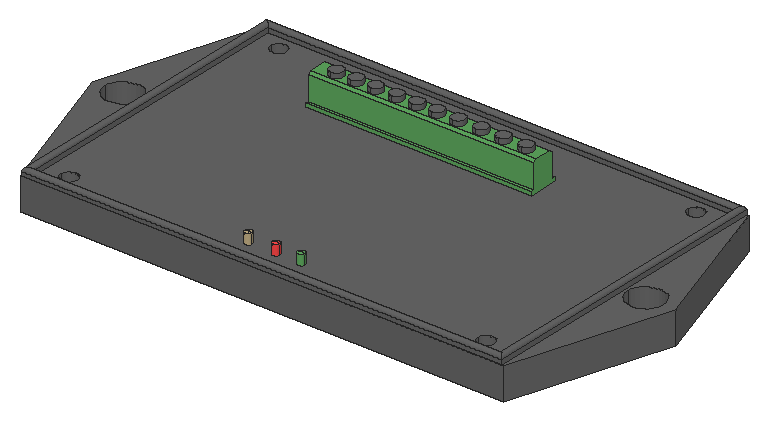
Revit family "WIR-LVM", category Communication Devices, host Face, Revit 2021
Family settings
  Host = Face
  Maintain Annotation Orientation = No
  Round Connector Dimension = Use Diameter
  Part Type = Normal
  OmniClass Number = 23.85.80.11.27
  OmniClass Title = Lighting Controls
  Cut with Voids When Loaded = No
  Shared = Yes
  Room Calculation Point = No
Parameters
  Yellow = Bamboo
  Warranty = "5-Years Warranty"  # constant formula
  Voltage = "12VDC to 24VDC"
  Type Comments = "wiSCAPE® Wireless Low Voltage Module"  # constant formula
  Secondary Output = "1 Digital (supply voltage (12-24V) – max: 20mA) or sink to ground (0V)"  # constant formula
  Red = Paint -  Red
  Radio Coverage = "Up to ~1,000 ft. (~300m) Note: Antenna must be mounted vertically up or down. Range based on clear line of site.\r\nRecommended deployment practices: Locate wireless devices within a 300 foot radius of the next wireless device for\r\nmost reliable performance"
  Product Page URL = ""
  Product Documentation Link = ""
  URL = "https://www.currentlighting.com/nxlightingcontrols"
  Model = "WIR-LVM-IO"  # constant formula
  Manufacturer = " NX Lighting Controls"  # constant formula
  Inputs = "3 Digital: e.g. Motion sensor and switch top/bottom buttons (0-30V) + 1 Analog (0-30V)"  # constant formula
  Green = Plastic, Gray
  Feartures = "3 Digital inputs / 1 analog input for low-voltage switch, motion and\r\nphoto sensors\r\n• Universal dimmer 1-10V (sink/source) for all types of ballasts & drivers\r\n• 1 Secondary dry contact output for driving external loads\r\n• Bi-directional long range wireless RF Mesh communications\r\n• Integration with wiSCAPE software\r\n• Multi-level grouping and multiple scenarios\r\n• Adjustable minimum and maximum dimming levels\r\n• Programmable state after blackout, with peak shaving options\r\n• Blink warning and override before scheduled lights off\r\n• Both locally and remotely controllable with status and metering reporting\r\n• Smart daylight harvesting and motion sensing functions, with occupied\r\nand unoccupied levels including a lamp saver function\r\n• Manual-ON/Auto-OFF, Auto-ON/Auto-OFF and grace period compliant\r"  # constant formula
  Description = " Control Solutions' wiSCAPE® Low Voltage Module is a bi-directional wireless RF device that enables solar (photovoltaic) and battery powered devicesto be managed, monitored and metered. The module adds intelligent functions and networkability to any low-voltage motion sensors, display/text banners and other types of sensors. The module can switch loads up to 1 Amp and features short circuit protection and open load detection. The adaptable sink and source 0-10V output is compatible with all dimming drivers. Digital inputs and an analog output make sending and receiving signals from additional controldevices simple and easy."  # constant formula
  Default Elevation = 48.00"
  Copyright = "Copyright ©  NX Lighting Controls"  # constant formula
  Contact Us = ""
  Housing Material = Paint - Carbon Black
  Certifications = "UL: E48166\r\n2.4GHz Version - FCC: U.S. FCC Part 15.247 Class A: OUR-XBEE / OUR-XBEE PRO, Canada IC: 4214A-XBEE / 4214A-XBEE\r\nPRO, Europe CE: ETSI / ETSI\r\n900MHz Version - FCC: U.S. FCC Part 15.247 Class A: MCQ-XB900HP\r\nUL94V-0 Flame retardant ABS or epoxy molding"
  Assembly Code = "D5090"
Reference planes (in)
  plane 1 "Center (Front/Back)": y = 11.68155
  plane 2: z = 0
  plane 3 "Center (Left/Right)": x = 0
  plane 4: z = 3.72
  plane 5: x = -2.38
  plane 6: x = 2.38
  plane 7: y = 13.01155
  plane 8: y = 10.35155
Forms (in)
  Extrusion 1, solid, material "Paint - Carbon Black" <- "Housing Material"
    sketch origin (0, 0, 0) x (1, 0, 0) y (0, 1, 0)
      loop
        line (2.17688, 10.35155) -> (2.60902, 11.68155) -> (2.17809, 13.0078) -> (-2.02184, 13.0078) -> (-2.45277, 11.68155) -> (-2.02062, 10.35155) -> (2.17688, 10.35155)
      loop
        circle (-2.1925, 11.68155) r 0.15741
      loop
        circle (2.34875, 11.68155) r 0.15741
    from -0.1 to 0.18116
  Extrusion 2, solid, material "Plastic, Gray" <- "Green"
    sketch origin (-0.07787, 10.63442, -0.31884) x (0, 1, 0) y (0, 0, 1)
      loop
        line (1.92397, 0.5) -> (1.92397, 0.531) -> (1.89297, 0.531) -> (1.89297, 0.7386) -> (1.87105, 0.76052) -> (1.72322, 0.76052) -> (1.7013, 0.7386) -> (1.7013, 0.531) -> (1.6703, 0.531) -> (1.6703, 0.5) -> (1.92397, 0.5)
    from -1.02506 to 0.93415
  Extrusion 3, solid, material "Paint - Carbon Black" <- "Housing Material"
    sketch origin (11.60369, 10.63442, -0.30156) x (0, 1, 0) y (-1, 0, 0)
      loop
        circle (1.79399, 12.53921) r 0.05666
      loop
        circle (1.79399, 12.36779) r 0.05666
      loop
        circle (1.79399, 12.19637) r 0.05666
      loop
        circle (1.79399, 12.01638) r 0.05666
      loop
        circle (1.79399, 11.83925) r 0.05666
      loop
        circle (1.79399, 11.66498) r 0.05666
      loop
        circle (1.79399, 11.47928) r 0.05666
      loop
        circle (1.79399, 11.28214) r 0.05666
      loop
        circle (1.79399, 11.08787) r 0.05666
      loop
        circle (1.79399, 10.88788) r 0.05666
    from 0.74323 to 0.78
  Sweep 4, solid, material "Paint - Carbon Black" <- "Housing Material"
    path origin (0, 0, 0) x (1, 0, 0) y (0, 1, 0)
      loop
        line (-2.01149, 13.01155) -> (-2.01149, 10.35155) -> (2.16494, 10.35155) -> (2.16494, 13.01155) -> (-2.01149, 13.01155)
    profile origin (0.07672, 13.01155, 0) x (0, 1, 0) y (0, 0, 1)
      loop
        line (-0.00375, 0.18116) -> (-0.00375, 0.21775)
        arc (-0.00375, 0.21775) -> (-0.03187, 0.24587) -> (-0.06, 0.21775) r 0.02812
        line (-0.06, 0.21775) -> (-0.06, 0.18116) -> (-0.00375, 0.18116)
  Extrusion 5, void
    sketch origin (0, 0, 0) x (1, 0, 0) y (0, 1, 0)
      loop
        circle (-1.74865, 12.81926) r 0.0711
      loop
        circle (1.87365, 12.81926) r 0.0711
      loop
        circle (-1.74865, 10.54385) r 0.0711
      loop
        circle (1.87365, 10.54385) r 0.0711
    from -0.1 to 0.5
  Revolve 6, solid, material "Bamboo" <- "Yellow"
    sketch origin (1.07588, 10.59868, 0) x (1, 0, 0) y (0, 0, 1)
      loop
        line (-1.31431, 0.18116) -> (-1.28331, 0.18116) -> (-1.28331, 0.26294)
        arc (-1.28331, 0.26294) -> (-1.29859, 0.26705) -> (-1.31431, 0.2688) r 0.10399
        line (-1.31431, 0.2688) -> (-1.31431, 0.18116)
      axis (-1.31431, 0.2688) -> (-1.31431, 0.18116)
    angle from 0 to 360
  Revolve 7, solid, material "Paint -  Red" <- "Red"
    sketch origin (1.31753, 10.59868, 0) x (1, 0, 0) y (0, 0, 1)
      loop
        line (-1.31431, 0.18116) -> (-1.28331, 0.18116) -> (-1.28331, 0.26294)
        arc (-1.28331, 0.26294) -> (-1.29859, 0.26705) -> (-1.31431, 0.2688) r 0.10399
        line (-1.31431, 0.2688) -> (-1.31431, 0.18116)
      axis (-1.31431, 0.2688) -> (-1.31431, 0.18116)
    angle from 0 to 360
  Revolve 8, solid, material "Plastic, Gray" <- "Green"
    sketch origin (1.53628, 10.59868, 0) x (1, 0, 0) y (0, 0, 1)
      loop
        line (-1.31431, 0.18116) -> (-1.28331, 0.18116) -> (-1.28331, 0.26294)
        arc (-1.28331, 0.26294) -> (-1.29859, 0.26705) -> (-1.31431, 0.2688) r 0.10399
        line (-1.31431, 0.2688) -> (-1.31431, 0.18116)
      axis (-1.31431, 0.2688) -> (-1.31431, 0.18116)
    angle from 0 to 360
Cuts and joins
  Extrusion 5 cuts Extrusion 1
Dimensions and locks (in)
  plane 4 to plane 2 = 3.72"
  aligned and locked: plane 2 to host face
  aligned and locked: level to host face
Connectors (in)
  electrical at (0.07813, 11.6803, -0.1)
    settings: on Extrusion 1, index 1, voltage 0 V, apparent load 0 VA, apparent load phase1 0 VA, apparent load phase2 0 VA, apparent load phase3 0 VA, power factor 1, load classification "Other", number of poles 1, system type 14, power factor state 1, is connector primary yes, connector utility no, sub classification motor no, connector description "Wireless Low Voltage Module"
